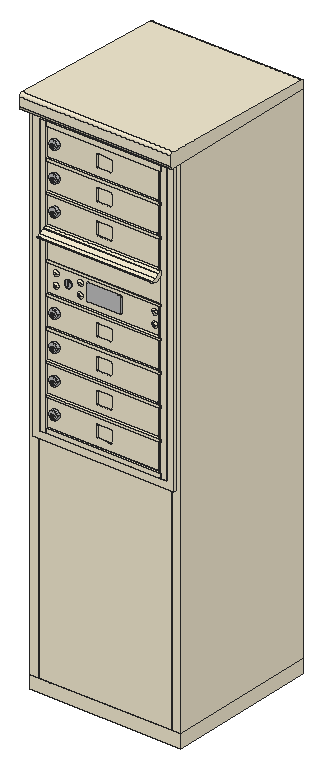
Revit family "Mailboxes_4C-Salsbury_Industries-Free_Standing-9_Door_High_Units", category Specialty Equipment, Revit 2016
Family settings
  Part Type = Normal
  Round Connector Dimension = Use Diameter
  OmniClass Number = 23.40.90.14.11
  OmniClass Title = Mail Boxes
  Work Plane-Based = No
  Always vertical = Yes
  Cut with Voids When Loaded = No
  Shared = No
  Room Calculation Point = No
Parameters (values of type "3909S-07")
  Width = 17.496"
  Visible Door Number = yes
  Version = "1.0 (06/30/17)"
  URL = "www.mailboxes.com"
  Type Comments = "Free-Standing 4C Horizontal Mailboxes - Front Loading"
  OmniClass 23 Title = "Mail Boxes"
  OmniClass 23 Number = "23.40.90.14.11"
  Model = "3909S-07"
  MasterFormat Title = "Postal Specialties"
  MasterFormat Number = "10 55 00"
  Manufacturer = "Salsbury Industries"
  Lock Material = Stainless Steel - Salsbury Finish -  Polished
  Height = 62.250"
  Front Panel Material [instance] = Paint - Salsbury Finish - Sandstone
  Front Panel Height = Height - [4C Unit Height] - 2.746"  # 25.504"
  Door Slot R9 Number [instance] = "7"
  Door Slot R8 Number [instance] = "6"
  Door Slot R7 Number [instance] = "5"
  Door Slot R6 Number [instance] = "4"
  Door Slot R5 Number [instance] = "0"
  Door Slot R4 Number [instance] = "0"
  Door Slot R3 Number [instance] = "3"
  Door Slot R2 Number [instance] = "2"
  Door Slot R1 Number [instance] = "1"
  Door Slot L9 Number [instance] = "0"
  Door Slot L8 Number [instance] = "0"
  Door Slot L7 Number [instance] = "0"
  Door Slot L6 Number [instance] = "0"
  Door Slot L5 Number [instance] = "0"
  Door Slot L4 Number [instance] = "0"
  Door Slot L3 Number [instance] = "0"
  Door Slot L2 Number [instance] = "0"
  Door Slot L1 Number [instance] = "0"
  Description = "9 Door High Unit:  7 MB1, OM2"
  Depth = 19.000"
  Assembly Description = "Mailboxes"
  Assembly Code = "C1030910"
  4C Unit Height = 34.000"
  4C Unit Elevation = 26.500"
  4C Unit = Mailboxes_4C-Salsbury_Industries-Front_Load-9_Door_High_Units : 3709S-07 FL
Reference planes (in)
  plane 1 "Center (Front/Back)": y = 0
  plane 2 "Bottom of Unit": z = 0
  plane 3 "Center (Left/Right)": x = 0
  plane 4 "Left Side of Unit": x = 8.748
  plane 5 "Right Side of Unit": x = -8.748
  plane 6 "Front of Unit": y = -9.5
  plane 7 "Back of Unit": y = 9.5
  plane 8: z = 31.125
  plane 9 "Top of Unit": z = 62.25
  plane 10 "Bottom Trim Line of Enclosure": z = 1.5
  plane 11 "Top Trim Line of Enclosure": z = 60.5
  plane 12 "Left Trim Line of Enclosure": x = 7.6855
  plane 13 "Right Trim Line of Enclosure": x = -7.685
  plane 14 "Top Back Line of Unit": z = 61.5
  plane 15 "Front Panel Top Line": z = 27.004
  plane 16 "Alignment of 4C Unit": y = -8.125
  plane 17: x = -8.667
  plane 18: x = 8.667
  plane 19: y = 9.419
  plane 20: y = -8.044
  plane 21: x = -8.667
  plane 22: x = 8.667
  plane 23: y = -8.044
  plane 24: y = 9.419
  plane 25: x = -8.667
  plane 26: x = 8.667
  plane 27: y = 9.419
  plane 28: y = -8.044
  plane 29 "Bottom Trim Line of 4C Unit": z = 26.5
  plane 30 "4C Unit Side Alignment": x = -8.17183
  plane 31: z = 0.081
Forms (in)
  Extrusion 1, solid, material "Paint - Salsbury Finish - Sandstone" <- "Front Panel Material"
    sketch origin (0, 0, 1.5) x (0, 1, 0) y (-1, 0, 0)
      loop
        line (-8.125, 7.685) -> (-8.044, 7.685) -> (-8.044, 8.667) -> (9.419, 8.667) -> (9.419, -8.667) -> (-8.044, -8.667) -> (-8.044, -7.6855) -> (-8.125, -7.6855) -> (-8.125, -8.748) -> (9.5, -8.748) -> (9.5, 8.748) -> (-8.125, 8.748) -> (-8.125, 7.685)
    from 0 to 59
  Extrusion 2, solid, material "Paint - Salsbury Finish - Sandstone" <- "Front Panel Material"
    sketch origin (0, 0, 0) x (1, 0, 0) y (0, 1, 0)
      loop
        line (-8.748, 9.5) -> (-8.748, -8.125) -> (8.748, -8.125) -> (8.748, 9.5) -> (-8.748, 9.5)
      loop
        line (-8.667, 9.419) -> (-8.667, -8.044) -> (8.667, -8.044) -> (8.667, 9.419) -> (-8.667, 9.419)
    from 0 to 1.5
  Extrusion 3, solid, material "Paint - Salsbury Finish - Sandstone" <- "Front Panel Material"
    sketch origin (0, 0, 0) x (1, 0, 0) y (0, 1, 0)
      loop
        line (-8.667, 9.419) -> (-8.667, -8.044) -> (8.667, -8.044) -> (8.667, 9.419) -> (-8.667, 9.419)
    from 0 to 0.081
  Extrusion 4, solid, material "Paint - Salsbury Finish - Sandstone" <- "Front Panel Material"
    sketch origin (0, -8.125, 0) x (1, 0, 0) y (0, 0, 1)
      loop
        line (7.6855, 1.5) -> (7.6855, 27.004) -> (-7.685, 27.004) -> (-7.685, 1.5) -> (7.6855, 1.5)
    from 0 to -0.081
  Extrusion 5, solid, material "Paint - Salsbury Finish - Sandstone" <- "Front Panel Material"
    sketch origin (0, 0, 0) x (0, 1, 0) y (0, 0, 1)
      loop
        line (-9.18965, 60.5) -> (9.5, 60.5) -> (9.5, 61.39071)
        arc (9.5, 61.39071) -> (9.47754, 61.45873) -> (9.419, 61.5) r 0.11423
        line (9.419, 61.5) -> (-9.184, 62.25)
        arc (-9.184, 62.25) -> (-9.40731, 62.15886) -> (-9.5, 61.93619) r 0.31382
        line (-9.5, 61.93619) -> (-9.5, 60.81035)
        arc (-9.5, 60.81035) -> (-9.4091, 60.5909) -> (-9.18965, 60.5) r 0.31035
    from -8.748 to 8.748
Lines and regions (in)
  symbolic lines
    curve 1: line (-8.748, 9.5, 0) -> (8.748, 9.5, 0)
    curve 2: line (-8.748, -9.5, 0) -> (-8.748, 9.5, 0)
    curve 3: line (8.748, -9.5, 0) -> (-8.748, -9.5, 0)
    curve 4: line (8.748, 9.5, 0) -> (8.748, -9.5, 0)
    curve 5: line (-8.748, 0, 62.25) -> (8.748, 0, 62.25)
    curve 6: line (-8.748, 0, 0) -> (-8.748, 0, 62.25)
    curve 7: line (8.748, 0, 0) -> (-8.748, 0, 0)
    curve 8: line (8.748, 0, 62.25) -> (8.748, 0, 0)
    curve 9: line (-8.748, 0, 60.5) -> (8.748, 0, 60.5)
    curve 10: line (-8.748, 0, 1.5) -> (8.748, 0, 1.5)
    curve 11: line (-7.685, 0, 1.5) -> (-7.685, 0, 26.5)
    curve 12: line (7.6855, 0, 1.5) -> (7.6855, 0, 26.5)
    curve 13: line (-7.685, 0, 27.004) -> (7.6855, 0, 27.004)
    curve 14: line (0, -8.125, 60.50073) -> (0, 9.5, 60.50073)
    curve 15: line (0, -8.125, 0) -> (0, -8.125, 60.50073)
    curve 16: line (0, 9.5, 0) -> (0, -8.125, 0)
    curve 17: line (0, 9.5, 60.50073) -> (0, 9.5, 0)
    curve 18: line (0, -8.125, 1.5) -> (0, 9.5, 1.5)
    curve 19: line (0, 9.5, 61.39071) -> (0, 9.5, 60.50073)
    curve 20: line (0, 9.5, 60.50073) -> (0, -9.19074, 60.50073)
    curve 21: line (0, -9.5, 60.80999) -> (0, -9.5, 61.93531)
    curve 22: arc (0, -9.19074, 60.50073) -> (0, -9.40942, 60.59131) -> (0, -9.5, 60.80999) r 0.30926
    curve 23: arc (0, -9.5, 61.93531) -> (0, -9.40736, 62.15896) -> (0, -9.18371, 62.2516) r 0.31629
    curve 24: arc (0, 9.5, 61.39071) -> (0, 9.47754, 61.45873) -> (0, 9.419, 61.5) r 0.11423
    curve 25: line (0, 9.419, 61.5) -> (0, -9.18371, 62.2516)
Dimensions and locks (in)
  equal spacing: plane 6 "Front of Unit", plane 1 "Center (Front/Back)", plane 7 "Back of Unit"
  "Depth": plane 6 "Front of Unit" to plane 7 "Back of Unit"
  equal spacing: plane 5 "Right Side of Unit", plane 3 "Center (Left/Right)", plane 4 "Left Side of Unit"
  "Width": plane 5 "Right Side of Unit" to plane 4 "Left Side of Unit"
  equal spacing: plane 2 "Bottom of Unit", plane 8, plane 9 "Top of Unit"
  plane 2 "Bottom of Unit" to plane 9 "Top of Unit" = 62.250"
  locked: plane 2 "Bottom of Unit" to plane 10 "Bottom Trim Line of Enclosure" at 1.5
  "Front Panel Height": plane 10 "Bottom Trim Line of Enclosure" to plane 15 "Front Panel Top Line"
  locked: plane 5 "Right Side of Unit" to plane 13 "Right Trim Line of Enclosure" at 1.063
  locked: plane 12 "Left Trim Line of Enclosure" to plane 4 "Left Side of Unit" at 1.0625
  plane 11 "Top Trim Line of Enclosure" to plane 14 "Top Back Line of Unit" to plane 9 "Top of Unit" = 1.000", 0.750"
  plane 6 "Front of Unit" to plane 16 "Alignment of 4C Unit" = 1.375"
  plane 11 "Top Trim Line of Enclosure" to plane 9 "Top of Unit" = 1.750"
  plane 5 "Right Side of Unit" to plane 17 = 0.081"
  plane 19 to plane 7 "Back of Unit" = 0.081"
  plane 18 to plane 4 "Left Side of Unit" = 0.081"
  plane 16 "Alignment of 4C Unit" to plane 20 = 0.081"
  plane 24 to plane 7 "Back of Unit" = 0.081"
  plane 5 "Right Side of Unit" to plane 21 = 0.081"
  plane 22 to plane 4 "Left Side of Unit" = 0.081"
  plane 16 "Alignment of 4C Unit" to plane 23 = 0.081"
  plane 16 "Alignment of 4C Unit" to plane 28 = 0.081"
  plane 26 to plane 4 "Left Side of Unit" = 0.081"
  plane 5 "Right Side of Unit" to plane 25 = 0.081"
  plane 27 to plane 7 "Back of Unit" = 0.081"
  plane 30 "4C Unit Side Alignment" to plane 13 "Right Trim Line of Enclosure" = 0.48683"
  locked: plane 31 to plane 2 "Bottom of Unit" at 0.081
  "Height": plane 9 "Top of Unit" to plane 2 "Bottom of Unit"
  "4C Unit Height": plane 11 "Top Trim Line of Enclosure" to plane 29 "Bottom Trim Line of 4C Unit"
  plane 15 "Front Panel Top Line" to plane 29 "Bottom Trim Line of 4C Unit" = 0.504"
  aligned and locked: level to plane 2 "Bottom of Unit"
  aligned and locked: Extrusion 1 to plane 11 "Top Trim Line of Enclosure"
  aligned and locked: Extrusion 2 sketch curve to Extrusion 1  (x4)
  aligned and locked: Extrusion 2 to plane 10 "Bottom Trim Line of Enclosure"
  aligned and locked: Extrusion 3 sketch curve to Extrusion 1  (x3)
  aligned and locked: plane 15 "Front Panel Top Line" to Extrusion 4 sketch curve
  aligned and locked: plane 13 "Right Trim Line of Enclosure" to Extrusion 4 sketch curve
  aligned and locked: plane 12 "Left Trim Line of Enclosure" to Extrusion 4 sketch curve
  aligned and locked: Extrusion 5 to plane 4 "Left Side of Unit"
  aligned and locked: plane 5 "Right Side of Unit" to Extrusion 5
  aligned and locked: plane 13 "Right Trim Line of Enclosure" to Extrusion 1 sketch curve
  aligned and locked: Extrusion 1 sketch curve to plane 20
  aligned and locked: Extrusion 1 sketch curve to plane 16 "Alignment of 4C Unit"  (x2)
  aligned and locked: Extrusion 1 sketch curve to plane 5 "Right Side of Unit"
  aligned and locked: plane 17 to Extrusion 1 sketch curve
  aligned and locked: Extrusion 1 sketch curve to plane 19
  aligned and locked: plane 7 "Back of Unit" to Extrusion 1 sketch curve
  aligned and locked: plane 4 "Left Side of Unit" to Extrusion 1 sketch curve
  aligned and locked: Extrusion 1 sketch curve to plane 18
  aligned and locked: plane 20 to Extrusion 1 sketch curve
  aligned and locked: plane 12 "Left Trim Line of Enclosure" to Extrusion 1 sketch curve
  aligned and locked: plane 10 "Bottom Trim Line of Enclosure" to Extrusion 1
  aligned and locked: plane 6 "Front of Unit" to Extrusion 5 sketch curve  (x2)
  aligned and locked: plane 11 "Top Trim Line of Enclosure" to Extrusion 5 sketch curve
  aligned and locked: Extrusion 5 sketch curve to plane 7 "Back of Unit"
  aligned and locked: plane 7 "Back of Unit" to Extrusion 5 sketch curve
  aligned and locked: plane 14 "Top Back Line of Unit" to Extrusion 5 sketch curve
  aligned and locked: plane 9 "Top of Unit" to Extrusion 5 sketch curve
  aligned and locked: Extrusion 4 sketch curve to plane 10 "Bottom Trim Line of Enclosure"
  aligned and locked: plane 16 "Alignment of 4C Unit" to Extrusion 4
  aligned and locked: Extrusion 4 to plane 28
  aligned and locked: Extrusion 3 to plane 2 "Bottom of Unit"
  aligned and locked: plane 31 to Extrusion 3
  aligned and locked: Extrusion 2 to plane 2 "Bottom of Unit"
  aligned and locked: plane 22 to Extrusion 2 sketch curve
  aligned and locked: Extrusion 2 sketch curve to plane 21
  aligned and locked: plane 24 to Extrusion 2 sketch curve
  aligned and locked: curve 1 to Extrusion 1
  aligned and locked: curve 2 to Extrusion 1
  aligned and locked: curve 4 to Extrusion 1
  aligned and locked: curve 6 to Extrusion 5
  aligned and locked: curve 7 to Extrusion 2
  aligned and locked: plane 9 "Top of Unit" to curve 5
  aligned and locked: curve 9 to Extrusion 1
  aligned and locked: plane 5 "Right Side of Unit" to curve 9
  aligned and locked: plane 4 "Left Side of Unit" to curve 9
  aligned and locked: plane 4 "Left Side of Unit" to curve 10
  aligned and locked: Extrusion 1 to curve 11
  aligned and locked: plane 10 "Bottom Trim Line of Enclosure" to curve 11
  aligned and locked: curve 12 to Extrusion 1
  aligned and locked: plane 10 "Bottom Trim Line of Enclosure" to curve 12
  aligned and locked: curve 13 to Extrusion 4
  aligned and locked: plane 12 "Left Trim Line of Enclosure" to curve 13
  aligned and locked: plane 13 "Right Trim Line of Enclosure" to curve 13
  aligned and locked: plane 7 "Back of Unit" to curve 17
  aligned and locked: plane 2 "Bottom of Unit" to curve 16
  aligned and locked: plane 11 "Top Trim Line of Enclosure" to Extrusion 5
  aligned and locked: plane 16 "Alignment of 4C Unit" to Extrusion 1
  aligned and locked: Extrusion 1 to curve 18
  aligned and locked: plane 7 "Back of Unit" to curve 18
  aligned and locked: plane 16 "Alignment of 4C Unit" to curve 18
  aligned and locked: curve 19 to Extrusion 5
  aligned and locked: curve 20 to curve 14
  aligned and locked: curve 21 to Extrusion 5
  aligned and locked: plane 29 "Bottom Trim Line of 4C Unit" to curve 12
  aligned and locked: curve 3 to plane 6 "Front of Unit"
  aligned and locked: plane 30 "4C Unit Side Alignment" to nested 1
Automatic sketch dimensions
  Extrusion 5 sketch curve to plane 27 = 0.000"
  Extrusion 5 sketch curve to plane 6 "Front of Unit" = 0.31035"
  Extrusion 5 sketch curve to plane 6 "Front of Unit" = 0.31382"
  plane 27 to Extrusion 5 sketch curve = 0.03323"
  Extrusion 5 sketch curve to Extrusion 5 sketch curve = 0.00218"
  plane 23 to Extrusion 2 sketch curve = 0.000"
  plane 28 to Extrusion 3 sketch curve = 0.000"
  plane 14 "Top Back Line of Unit" to curve 25 = 0.000"
  curve 25 to plane 27 = 0.000"
  curve 22 to plane 6 "Front of Unit" = 0.30926"
  plane 27 to curve 24 = 0.03323"
  curve 15 to plane 11 "Top Trim Line of Enclosure" = 0.00073"
  plane 9 "Top of Unit" to curve 21 = 0.31469"
  curve 25 to plane 9 "Top of Unit" = 0.0016"
  curve 11 to plane 29 "Bottom Trim Line of 4C Unit" = 0.000"
Nested families (in)
  nested 1: "Mailboxes_4C-Salsbury_Industries-Front_Load-9_Door_High_Units" at (7.377, -8.125, -0.183) x (-1, 0, 0) z (0, 0, 1), built-in parameter 1001360 <- "4C Unit Elevation", type <- "4C Unit", Front Panel Material <- "Front Panel Material", Visible Door Number <- "Visible Door Number", Door Slot L1 Number <- "Door Slot L1 Number", Door Slot L2 Number <- "Door Slot L2 Number", Door Slot L3 Number <- "Door Slot L3 Number", Door Slot L4 Number <- "Door Slot L4 Number", Door Slot L5 Number <- "Door Slot L5 Number", Door Slot L6 Number <- "Door Slot L6 Number", Door Slot L7 Number <- "Door Slot L7 Number", Door Slot L8 Number <- "Door Slot L8 Number", Door Slot L9 Number <- "Door Slot L9 Number", Door Slot R1 Number <- "Door Slot R1 Number", Door Slot R2 Number <- "Door Slot R2 Number", Door Slot R3 Number <- "Door Slot R3 Number", Door Slot R4 Number <- "Door Slot R4 Number", Door Slot R5 Number <- "Door Slot R5 Number", Door Slot R6 Number <- "Door Slot R6 Number", Door Slot R7 Number <- "Door Slot R7 Number", Door Slot R8 Number <- "Door Slot R8 Number", Door Slot R9 Number <- "Door Slot R9 Number", type "3709S-07 FL"
    with Visible Door Number yes, Front Panel Material Paint - Salsbury Finish - Sandstone, Door Slot R9 Number "7", Door Slot R8 Number "6", Door Slot R7 Number "5", Door Slot R6 Number "4", Door Slot R5 Number "0", Door Slot R4 Number "0", Door Slot R3 Number "3", Door Slot R2 Number "2", Door Slot R1 Number "1", Door Slot L9 Number "0", Door Slot L8 Number "0", Door Slot L7 Number "0", Door Slot L6 Number "0", Door Slot L5 Number "0", Door Slot L4 Number "0", Door Slot L3 Number "0", Door Slot L2 Number "0", Door Slot L1 Number "0", built-in parameter 1001320 48.000"
Definition of nested family "Mailboxes_4C-Salsbury_Industries-Front_Load-9_Door_High_Units"
  Parameters (values of type "3709S-07 FL")
    Width = 16.344"
    URL = "www.mailboxes.com"
    OmniClass 23 Title = "Mail Boxes"
    OmniClass 23 Number = "23.40.90.14.11"
    Visible Door Number [instance] = yes
    Vertical Center Divider = no
    Version = "3.0 (06/30/17)"
    Type Comments = "4C Standard Horizontal Mailbox - Front Loading"
    Top Back Plate = yes
    Right Inside Wall = yes
    Model = "3709S-07 FL"
    MasterFormat Title = "Postal Specialties"
    MasterFormat Number = "10 55 00"
    Manufacturer = "Salsbury Industries"
    Mail Door Symbollic = yes
    Lock Material = none
    Left Inside Wall = yes
    Keynote = ""
    Height = 34.000"
    Front Panel Material [instance] = none
    Door Slot R9 Number [instance] = "7"
    Door Slot R9 = 3700 Series 4C Door Configurations : MB1 Door w/ Divider
    Door Slot R8 Number [instance] = "6"
    Door Slot R8 = 3700 Series 4C Door Configurations : MB1 Door w/ Divider
    Door Slot R7 Number [instance] = "5"
    Door Slot R7 = 3700 Series 4C Door Configurations : MB1 Door w/ Divider
    Door Slot R6 Number [instance] = "4"
    Door Slot R6 = 3700 Series 4C Door Configurations : MB1 Door w/ Divider
    Door Slot R5 Number [instance] = "0"
    Door Slot R5 = 3700 Series 4C OM2 Configuration : OM2-FL
    Door Slot R4 Number [instance] = "0"
    Door Slot R4 = 3700 Series 4C Door Configurations : Empty
    Door Slot R3 Number [instance] = "3"
    Door Slot R3 = 3700 Series 4C Door Configurations : MB1 Door w/ Divider
    Door Slot R2 Number [instance] = "2"
    Door Slot R2 = 3700 Series 4C Door Configurations : MB1 Door w/ Divider
    Door Slot R1 Number [instance] = "1"
    Door Slot R1 = 3700 Series 4C Door Configurations : MB1 Door
    Door Slot L9 Number [instance] = "0"
    Door Slot L9 = 3700 Series 4C Door Configurations : Empty
    Door Slot L8 Number [instance] = "0"
    Door Slot L8 = 3700 Series 4C Door Configurations : Empty
    Door Slot L7 Number [instance] = "0"
    Door Slot L7 = 3700 Series 4C Door Configurations : Empty
    Door Slot L6 Number [instance] = "0"
    Door Slot L6 = 3700 Series 4C Door Configurations : Empty
    Door Slot L5 Number [instance] = "0"
    Door Slot L5 = 3700 Series 4C Door Configurations : Empty
    Door Slot L4 Number [instance] = "0"
    Door Slot L4 = 3700 Series 4C Door Configurations : Empty
    Door Slot L3 Number [instance] = "0"
    Door Slot L3 = 3700 Series 4C Door Configurations : Empty
    Door Slot L2 Number [instance] = "0"
    Door Slot L2 = 3700 Series 4C Door Configurations : Empty
    Door Slot L1 Number [instance] = "0"
    Door Slot L1 = 3700 Series 4C Door Configurations : Empty
    Description = "9 Door High Unit:  7 MB1, OM2"
    Depth = 17.025"
    Default Elevation [instance] = 48.000"
    Center Extrusion Offset = 0.000"
    Bottom Back Plate = yes
    Back Enclosure Material = none
    Assembly Description = "Mailboxes"
    Assembly Code = "C1030910"
  Types (13): name | Width | Vertical Center Divider | Type Comments | Top Back Plate | Right Inside Wall | Model | Mail Door Symbollic | Left Inside Wall | Door Slot R9 Number | Door Slot R9 | Door Slot R8 Number | Door Slot R8 | Door Slot R7 Number | Door Slot R7 | Door Slot R6 Number | Door Slot R6 | Door Slot R5 | Door Slot R4 Number | Door Slot R4 | Door Slot R3 Number | Door Slot R3 | Door Slot R2 Number | Door Slot R2 | Door Slot R1 Number | Door Slot R1 | Door Slot L9 Number | Door Slot L9 | Door Slot L8 Number | Door Slot L8 | Door Slot L7 Number | Door Slot L7 | Door Slot L6 Number | Door Slot L6 | Door Slot L5 Number | Door Slot L5 | Door Slot L4 Number | Door Slot L4 | Door Slot L3 Number | Door Slot L3 | Door Slot L2 Number | Door Slot L2 | Door Slot L1 Number | Door Slot L1 | Description | Center Extrusion Offset | Bottom Back Plate
    3709S-1B FL | 16.344" | no | "4C Horizontal Receptacle Bin - Front Loading" | no | no | "3709S-1B FL" | no | no | "0" | 4C-9 Door High Receptacle : 4C-9 Door High Receptacle | "0" | 3700 Series 4C Door Configurations : Empty | "0" | 3700 Series 4C Door Configurations : Empty | "0" | 3700 Series 4C Door Configurations : Empty | 3700 Series 4C Door Configurations : Empty | "0" | 3700 Series 4C Door Configurations : Empty | "0" | 3700 Series 4C Door Configurations : Empty | "0" | 3700 Series 4C Door Configurations : Empty | "0" | 3700 Series 4C Door Configurations : Empty | "0" | 3700 Series 4C Door Configurations : Empty | "0" | 3700 Series 4C Door Configurations : Empty | "0" | 3700 Series 4C Door Configurations : Empty | "0" | 3700 Series 4C Door Configurations : Empty | "0" | 3700 Series 4C Door Configurations : Empty | "0" | 3700 Series 4C Door Configurations : Empty | "0" | 3700 Series 4C Door Configurations : Empty | "0" | 3700 Series 4C Door Configurations : Empty | "0" | 3700 Series 4C Door Configurations : Empty | "9 Door High Unit" | 48.000" | no
    3709S-1C FL | 16.344" | no | "4C Horizontal Collection Box - Front Loading" | no | no | "3709S-1C FL" | no | no | "0" | 4C-9 Door High Collection Box : 4C-9 Door High Collection Box | "0" | 3700 Series 4C Door Configurations : Empty | "0" | 3700 Series 4C Door Configurations : Empty | "0" | 3700 Series 4C Door Configurations : Empty | 3700 Series 4C Door Configurations : Empty | "0" | 3700 Series 4C Door Configurations : Empty | "0" | 3700 Series 4C Door Configurations : Empty | "0" | 3700 Series 4C Door Configurations : Empty | "0" | 3700 Series 4C Door Configurations : Empty | "0" | 3700 Series 4C Door Configurations : Empty | "0" | 3700 Series 4C Door Configurations : Empty | "0" | 3700 Series 4C Door Configurations : Empty | "0" | 3700 Series 4C Door Configurations : Empty | "0" | 3700 Series 4C Door Configurations : Empty | "0" | 3700 Series 4C Door Configurations : Empty | "0" | 3700 Series 4C Door Configurations : Empty | "0" | 3700 Series 4C Door Configurations : Empty | "0" | 3700 Series 4C Door Configurations : Empty | "9 Door High Unit" | 48.000" | no
    3709D-16 FL | 31.09766" | yes | "4C Standard Horizontal Mailbox - Front Loading" | yes | yes | "3709D-16 FL" | yes | yes | "16" | 3700 Series 4C Door Configurations : MB1 Door w/ Divider | "15" | 3700 Series 4C Door Configurations : MB1 Door w/ Divider | "14" | 3700 Series 4C Door Configurations : MB1 Door w/ Divider | "13" | 3700 Series 4C Door Configurations : MB1 Door w/ Divider | 3700 Series 4C OM2 Configuration : OM2-FL | "0" | 3700 Series 4C Door Configurations : Empty | "12" | 3700 Series 4C Door Configurations : MB1 Door w/ Divider | "11" | 3700 Series 4C Door Configurations : MB1 Door w/ Divider | "10" | 3700 Series 4C Door Configurations : MB1 Door | "9" | 3700 Series 4C Door Configurations : MB1 Door w/ Divider | "8" | 3700 Series 4C Door Configurations : MB1 Door w/ Divider | "7" | 3700 Series 4C Door Configurations : MB1 Door w/ Divider | "6" | 3700 Series 4C Door Configurations : MB1 Door w/ Divider | "5" | 3700 Series 4C Door Configurations : MB1 Door w/ Divider | "4" | 3700 Series 4C Door Configurations : MB1 Door w/ Divider | "3" | 3700 Series 4C Door Configurations : MB1 Door w/ Divider | "2" | 3700 Series 4C Door Configurations : MB1 Door w/ Divider | "1" | 3700 Series 4C Door Configurations : MB1 Door | "9 Door High Unit:  16 MB1, OM2" | 0.000" | yes
    3709S-07 FL | 16.344" | no | "4C Standard Horizontal Mailbox - Front Loading" | yes | yes | "3709S-07 FL" | yes | yes | "7" | 3700 Series 4C Door Configurations : MB1 Door w/ Divider | "6" | 3700 Series 4C Door Configurations : MB1 Door w/ Divider | "5" | 3700 Series 4C Door Configurations : MB1 Door w/ Divider | "4" | 3700 Series 4C Door Configurations : MB1 Door w/ Divider | 3700 Series 4C OM2 Configuration : OM2-FL | "0" | 3700 Series 4C Door Configurations : Empty | "3" | 3700 Series 4C Door Configurations : MB1 Door w/ Divider | "2" | 3700 Series 4C Door Configurations : MB1 Door w/ Divider | "1" | 3700 Series 4C Door Configurations : MB1 Door | "0" | 3700 Series 4C Door Configurations : Empty | "0" | 3700 Series 4C Door Configurations : Empty | "0" | 3700 Series 4C Door Configurations : Empty | "0" | 3700 Series 4C Door Configurations : Empty | "0" | 3700 Series 4C Door Configurations : Empty | "0" | 3700 Series 4C Door Configurations : Empty | "0" | 3700 Series 4C Door Configurations : Empty | "0" | 3700 Series 4C Door Configurations : Empty | "0" | 3700 Series 4C Door Configurations : Empty | "9 Door High Unit:  7 MB1, OM2" | 0.000" | yes
    3709D-15 FL | 31.09766" | yes | "4C Standard Horizontal Mailbox - Front Loading" | yes | yes | "3709D-15 FL" | yes | yes | "15" | 3700 Series 4C Door Configurations : MB1 Door w/ Divider | "14" | 3700 Series 4C Door Configurations : MB1 Door w/ Divider | "13" | 3700 Series 4C Door Configurations : MB1 Door w/ Divider | "0" | 3700 Series 4C OM3 Configuration : OM3-FL | 3700 Series 4C Door Configurations : Empty | "0" | 3700 Series 4C Door Configurations : Empty | "12" | 3700 Series 4C Door Configurations : MB1 Door w/ Divider | "11" | 3700 Series 4C Door Configurations : MB1 Door w/ Divider | "10" | 3700 Series 4C Door Configurations : MB1 Door | "9" | 3700 Series 4C Door Configurations : MB1 Door w/ Divider | "8" | 3700 Series 4C Door Configurations : MB1 Door w/ Divider | "7" | 3700 Series 4C Door Configurations : MB1 Door w/ Divider | "6" | 3700 Series 4C Door Configurations : MB1 Door w/ Divider | "5" | 3700 Series 4C Door Configurations : MB1 Door w/ Divider | "4" | 3700 Series 4C Door Configurations : MB1 Door w/ Divider | "3" | 3700 Series 4C Door Configurations : MB1 Door w/ Divider | "2" | 3700 Series 4C Door Configurations : MB1 Door w/ Divider | "1" | 3700 Series 4C Door Configurations : MB1 Door | "9 Door High Unit:  15 MB1, OM3" | 0.000" | yes
    3709D-10 FL | 31.09766" | yes | "4C Standard Horizontal Mailbox - Front Loading" | yes | yes | "3709D-10 FL" | yes | yes | "10" | 3700 Series 4C Door Configurations : MB1 Door w/ Divider | "9" | 3700 Series 4C Door Configurations : MB1 Door w/ Divider | "8" | 3700 Series 4C Door Configurations : MB1 Door w/ Divider | "7" | 3700 Series 4C Door Configurations : MB1 Door w/ Divider | 3700 Series 4C OM2 Configuration : OM2-FL | "0" | 3700 Series 4C Door Configurations : Empty | "6" | 3700 Series 4C Door Configurations : MB1 Door w/ Divider | "5" | 3700 Series 4C Door Configurations : MB1 Door w/ Divider | "4" | 3700 Series 4C Door Configurations : MB1 Door | "1P" | 3700 Series 4C Parcel Configurations : PL6 w/ Divider | "0" | 3700 Series 4C Door Configurations : Empty | "0" | 3700 Series 4C Door Configurations : Empty | "0" | 3700 Series 4C Door Configurations : Empty | "0" | 3700 Series 4C Door Configurations : Empty | "0" | 3700 Series 4C Door Configurations : Empty | "3" | 3700 Series 4C Door Configurations : MB1 Door w/ Divider | "2" | 3700 Series 4C Door Configurations : MB1 Door w/ Divider | "1" | 3700 Series 4C Door Configurations : MB1 Door | "9 Door High Unit:  10 MB1, 1 PL6, OM2" | 0.000" | yes
    3709D-06 FL | 31.09766" | yes | "4C Standard Horizontal Mailbox - Front Loading" | yes | yes | "3709D-06 FL" | yes | yes | "6" | 3700 Series 4C Door Configurations : MB3 Door w/ Divider | "0" | 3700 Series 4C Door Configurations : Empty | "0" | 3700 Series 4C Door Configurations : Empty | "5" | 3700 Series 4C Door Configurations : MB1 Door w/ Divider | 3700 Series 4C OM2 Configuration : OM2-FL | "0" | 3700 Series 4C Door Configurations : Empty | "4" | 3700 Series 4C Door Configurations : MB3 Door | "0" | 3700 Series 4C Door Configurations : Empty | "0" | 3700 Series 4C Door Configurations : Empty | "3" | 3700 Series 4C Door Configurations : MB3 Door w/ Divider | "0" | 3700 Series 4C Door Configurations : Empty | "0" | 3700 Series 4C Door Configurations : Empty | "2" | 3700 Series 4C Door Configurations : MB3 Door w/ Divider | "0" | 3700 Series 4C Door Configurations : Empty | "0" | 3700 Series 4C Door Configurations : Empty | "1" | 3700 Series 4C Door Configurations : MB3 Door | "0" | 3700 Series 4C Door Configurations : Empty | "0" | 3700 Series 4C Door Configurations : Empty | "9 Door High Unit:  1 MB1, 5 MB3, OM2" | 0.000" | yes
    3709D-05 FL | 31.09766" | yes | "4C Standard Horizontal Mailbox - Front Loading" | yes | yes | "3709D-05 FL" | yes | yes | "5" | 3700 Series 4C Door Configurations : MB3 Door w/ Divider | "0" | 3700 Series 4C Door Configurations : Empty | "0" | 3700 Series 4C Door Configurations : Empty | "0" | 3700 Series 4C OM3 Configuration : OM3-FL | 3700 Series 4C Door Configurations : Empty | "0" | 3700 Series 4C Door Configurations : Empty | "4" | 3700 Series 4C Door Configurations : MB3 Door | "0" | 3700 Series 4C Door Configurations : Empty | "0" | 3700 Series 4C Door Configurations : Empty | "3" | 3700 Series 4C Door Configurations : MB3 Door w/ Divider | "0" | 3700 Series 4C Door Configurations : Empty | "0" | 3700 Series 4C Door Configurations : Empty | "2" | 3700 Series 4C Door Configurations : MB3 Door w/ Divider | "0" | 3700 Series 4C Door Configurations : Empty | "0" | 3700 Series 4C Door Configurations : Empty | "1" | 3700 Series 4C Door Configurations : MB3 Door | "0" | 3700 Series 4C Door Configurations : Empty | "0" | 3700 Series 4C Door Configurations : Empty | "9 Door High Unit:  5 MB3, OM3" | 0.000" | yes
    3709D-03 FL | 31.09766" | yes | "4C Standard Horizontal Mailbox - Front Loading" | yes | yes | "3709D-03 FL" | yes | yes | "3" | 3700 Series 4C Door Configurations : MB3 Door w/ Divider | "0" | 3700 Series 4C Door Configurations : Empty | "0" | 3700 Series 4C Door Configurations : Empty | "0" | 3700 Series 4C OM3 Configuration : OM3-FL | 3700 Series 4C Door Configurations : Empty | "0" | 3700 Series 4C Door Configurations : Empty | "2" | 3700 Series 4C Door Configurations : MB3 Door | "0" | 3700 Series 4C Door Configurations : Empty | "0" | 3700 Series 4C Door Configurations : Empty | "1P" | 3700 Series 4C Parcel Configurations : PL6 w/ Divider | "0" | 3700 Series 4C Door Configurations : Empty | "0" | 3700 Series 4C Door Configurations : Empty | "0" | 3700 Series 4C Door Configurations : Empty | "0" | 3700 Series 4C Door Configurations : Empty | "0" | 3700 Series 4C Door Configurations : Empty | "1" | 3700 Series 4C Door Configurations : MB3 Door | "0" | 3700 Series 4C Door Configurations : Empty | "0" | 3700 Series 4C Door Configurations : Empty | "9 Door High Unit:  3 MB3, 1 PL6, OM3" | 0.000" | yes
    3709D-4P FL | 31.09766" | yes | "4C Standard Horizontal Mailbox - Front Loading" | yes | yes | "3709D-4P FL" | no | yes | "4P" | 3700 Series 4C Parcel Configurations : PL5 w/ Divider | "0" | 3700 Series 4C Door Configurations : Empty | "0" | 3700 Series 4C Door Configurations : Empty | "0" | 3700 Series 4C Door Configurations : Empty | 3700 Series 4C Door Configurations : Empty | "3P" | 3700 Series 4C Parcel Configurations : PL4 | "0" | 3700 Series 4C Door Configurations : Empty | "0" | 3700 Series 4C Door Configurations : Empty | "0" | 3700 Series 4C Door Configurations : Empty | "2P" | 3700 Series 4C Parcel Configurations : PL5 w/ Divider | "0" | 3700 Series 4C Door Configurations : Empty | "0" | 3700 Series 4C Door Configurations : Empty | "0" | 3700 Series 4C Door Configurations : Empty | "0" | 3700 Series 4C Door Configurations : Empty | "1P" | 3700 Series 4C Parcel Configurations : PL4 | "0" | 3700 Series 4C Door Configurations : Empty | "0" | 3700 Series 4C Door Configurations : Empty | "0" | 3700 Series 4C Door Configurations : Empty | "9 Door High Unit:  2 PL4, 2 PL5" | 0.000" | yes
    3709S-02 FL | 16.344" | no | "4C Standard Horizontal Mailbox - Front Loading" | yes | yes | "3709S-02 FL" | yes | yes | "1P" | 3700 Series 4C Parcel Configurations : PL5 w/ Divider | "0" | 3700 Series 4C Door Configurations : Empty | "0" | 3700 Series 4C Door Configurations : Empty | "0" | 3700 Series 4C Door Configurations : Empty | 3700 Series 4C Door Configurations : Empty | "0" | 3700 Series 4C OM2 Configuration : OM2-FL | "0" | 3700 Series 4C Door Configurations : Empty | "2" | 3700 Series 4C Door Configurations : MB1 Door w/ Divider | "1" | 3700 Series 4C Door Configurations : MB1 Door | "0" | 3700 Series 4C Door Configurations : Empty | "0" | 3700 Series 4C Door Configurations : Empty | "0" | 3700 Series 4C Door Configurations : Empty | "0" | 3700 Series 4C Door Configurations : Empty | "0" | 3700 Series 4C Door Configurations : Empty | "0" | 3700 Series 4C Door Configurations : Empty | "0" | 3700 Series 4C Door Configurations : Empty | "0" | 3700 Series 4C Door Configurations : Empty | "0" | 3700 Series 4C Door Configurations : Empty | "9 Door High Unit:  2 MB1, 1 PL5, OM2" | 0.000" | yes
    3709S-2P FL | 16.344" | no | "4C Standard Horizontal Mailbox - Front Loading" | yes | yes | "3709S-2P FL" | no | yes | "2P" | 3700 Series 4C Parcel Configurations : PL5 w/ Divider | "0" | 3700 Series 4C Door Configurations : Empty | "0" | 3700 Series 4C Door Configurations : Empty | "0" | 3700 Series 4C Door Configurations : Empty | 3700 Series 4C Door Configurations : Empty | "1P" | 3700 Series 4C Parcel Configurations : PL4 | "0" | 3700 Series 4C Door Configurations : Empty | "0" | 3700 Series 4C Door Configurations : Empty | "0" | 3700 Series 4C Door Configurations : Empty | "0" | 3700 Series 4C Door Configurations : Empty | "0" | 3700 Series 4C Door Configurations : Empty | "0" | 3700 Series 4C Door Configurations : Empty | "0" | 3700 Series 4C Door Configurations : Empty | "0" | 3700 Series 4C Door Configurations : Empty | "0" | 3700 Series 4C Door Configurations : Empty | "0" | 3700 Series 4C Door Configurations : Empty | "0" | 3700 Series 4C Door Configurations : Empty | "0" | 3700 Series 4C Door Configurations : Empty | "9 Door High Unit:  1 PL4, 1 PL5" | 0.000" | yes
    3709D-04 FL | 31.09766" | yes | "4C Standard Horizontal Mailbox - Front Loading" | yes | yes | "3709D-04 FL" | yes | yes | "4" | 3700 Series 4C Door Configurations : MB3 Door w/ Divider | "0" | 3700 Series 4C Door Configurations : Empty | "0" | 3700 Series 4C Door Configurations : Empty | "3" | 3700 Series 4C Door Configurations : MB1 Door w/ Divider | 3700 Series 4C OM2 Configuration : OM2-FL | "0" | 3700 Series 4C Door Configurations : Empty | "2" | 3700 Series 4C Door Configurations : MB3 Door | "0" | 3700 Series 4C Door Configurations : Empty | "0" | 3700 Series 4C Door Configurations : Empty | "1P" | 3700 Series 4C Parcel Configurations : PL6 w/ Divider | "0" | 3700 Series 4C Door Configurations : Empty | "0" | 3700 Series 4C Door Configurations : Empty | "0" | 3700 Series 4C Door Configurations : Empty | "0" | 3700 Series 4C Door Configurations : Empty | "0" | 3700 Series 4C Door Configurations : Empty | "1" | 3700 Series 4C Door Configurations : MB3 Door | "0" | 3700 Series 4C Door Configurations : Empty | "0" | 3700 Series 4C Door Configurations : Empty | "9 Door High Unit:  1 MB1, 3 MB3, 1 PL6, OM2" | 0.000" | yes
  Reference planes (in)
    plane 1 "Wall Centerline": y = -3
    plane 2 "Center (Left/Right)": x = 0
    plane 3 "Front": y = 0
    plane 4 "15" AFF": z = 28
    plane 5 "28" AFF": z = 28
    plane 6 "36" AFF": z = 36
    plane 7 "48" AFF": z = 48
    plane 8 "Bottom of Unit": z = 26.683
    plane 9 "Top of Unit": z = 60.683
    plane 10 "Left Side of Unit": x = 15.54883
    plane 11 "Right Side of Unit": x = -0.79517
    plane 12 "28" AFF_Bottom of Unit": z = 26.683
    plane 13 "Top Horiz Trim Align": z = 59.85225
    plane 14 "Bottom Horiz Trim Align": z = 27.515
    plane 15 "Left Trim Align": x = 14.716
    plane 16 "Right Trim Align": x = 0.03766
    plane 17 "Left Door Align": x = 14.06641
    plane 18 "Right Door Align": x = 0.68725
    plane 19 "Top Horiz Door Align": z = 59.26125
    plane 20 "Bottom Horiz Door Align": z = 28
    plane 21 "Front Face of Unit": y = 0.265
    plane 22 "Top Housing Align": z = 60.179
    plane 23 "Top Collar Align": z = 60.031
    plane 24 "Top Box Align": z = 59.676
    plane 25 "Vertical Housing Align": y = -1.205
    plane 26 "Vertical Collar Align": y = -2.205
    plane 27 "Back of Unit": y = -16.76
    plane 28 "Bottom Housing Align": z = 27.187
    plane 29 "Bottom Collar Align": z = 27.335
    plane 30 "Bottom Box Align": z = 27.75
    plane 31 "Door Alignment": y = -0.33191
    plane 32 "Right Housing Align": x = -0.08817
    plane 33 "Right Collar Align": x = 1.34483
    plane 34 "Right Box Side Align": x = 1.67283
    plane 35 "Left Housing Align": x = 14.84183
    plane 36 "Left Collar Align": x = 13.40883
    plane 37 "Left Side Box Align": x = 13.08083
    plane 38 "Top Back Plate Align": z = 58.897
    plane 39 "Bottom Back Plate Align": z = 28.499
    plane 40 "Back": y = -6
    plane 41 "RO Left Side": x = 15.17383
    plane 42 "RO Right Side": x = -0.42017
    plane 43 "RO Bottom": z = 27.058
    plane 44 "RO Top": z = 60.308
    plane 45 "Horiz Centerline": z = 42.04237
    plane 46: z = 27.885
    plane 47: x = 12.99983
    plane 48: x = 12.92758
    plane 49 "Center Extrusion": x = 0
    plane 50 "Center Extrusion Offset": x = 0
    plane 51 "Row 9 Top Align": z = 31.5
    plane 52 "Row 8 Top Align": z = 35
    plane 53 "Row 7 Top Align": z = 38.5
    plane 54 "Row 6 Top Align": z = 42
    plane 55 "Row 5 Top Align": z = 45.5
    plane 56 "Row 4 Top Align": z = 49
    plane 57 "Row 3 Top Align": z = 52.5
    plane 58 "Row 2 Top Align": z = 56
    plane 59 "Row 16 Top Align-Private": z = 31.5
    plane 60 "Row 15 Top Align-Private": z = 35
    plane 61 "Row 14 Top Align-Private": z = 38.5
    plane 62 "Row 13 Top Align-Private": z = 42
    plane 63 "Row 12 Top Align-Private": z = 45.5
    plane 64 "Row 11 Top Align-Private": z = 49
    plane 65 "Row 10 Top Align-Private": z = 52.25
    plane 66 "Row 9 Top Align-Private": z = 55.75
    plane 67 "Row 8 Top Align-Private": z = 59.25
    plane 68 "Top of Face Gap": z = 61.25
    plane 69 "Top Latch Align": z = 51.376
    plane 70 "Bottom Latch Align": z = 36.05
    plane 71 "Right Latch Align": x = -0.69183
    plane 72 "Left Latch Align": x = 0.69098
    plane 73 "Latch Alignment Edge": x = -0.79517
    plane 74: x = -12.92783
    plane 75: x = -12.99983
    plane 76: y = -16.84203
    plane 77: x = -2
    plane 78: x = -0.7705
    plane 79: x = 0.7705
    plane 80: x = 2
    plane 81: y = -16.67797
    plane 82: x = -0.69098
    plane 83: x = 0.69183
    plane 84: z = 57.397
    plane 85: z = 29.999
    plane 86: z = 59.31729
    plane 87: z = 28.41625
    plane 88: z = 27.446
    plane 89: z = 28.055
    plane 90: y = -6
    plane 91: x = 14.06267
  Forms (in)
    Extrusion 1, solid, material <- "Front Panel Material"
      sketch origin (0, 0, 0) x (1, 0, 0) y (0, 0, 1)
        loop
          line (15.54883, 60.683) -> (-0.79517, 60.683) -> (-0.79517, 26.683) -> (15.54883, 26.683) -> (15.54883, 60.683)
      from -0.265 to 0
    Extrusion 2, void
      sketch origin (0, 0.265, 0.00774) x (0, 0, -1) y (-1, 0, 0)
        loop
          line (-59.84451, -14.716) -> (-27.50726, -14.716) -> (-27.50726, -0.03766) -> (-59.84451, -0.03766) -> (-59.84451, -14.716)
      from -0.265 to 0
    Extrusion 3, solid, material <- "Front Panel Material"
      sketch origin (14.98214, 0.265, -1.67978) x (0, 0, -1) y (-1, 0, 0)
        loop
          line (-61.53203, 14.94448) -> (-61.53203, 14.29489) -> (-29.19478, 14.29489) -> (-29.19478, 14.94448) -> (-61.53203, 14.94448)
      from 0 to -0.265
    Extrusion 4, solid, material <- "Front Panel Material"
      sketch origin (0, 0.265, 0) x (0, 0, -1) y (-1, 0, 0)
        loop
          line (-27.515, -14.06641) -> (-27.515, -0.68725) -> (-28, -0.68725) -> (-28, -14.06641) -> (-27.515, -14.06641)
      from -0.265 to 0
    Extrusion 5, solid, material <- "Front Panel Material"
      sketch origin (0, 0.265, 0) x (0, 0, -1) y (-1, 0, 0)
        loop
          line (-59.85225, -14.716) -> (-27.515, -14.716) -> (-27.515, -14.06641) -> (-59.85225, -14.06641) -> (-59.85225, -14.716)
      from 0 to -0.265
    Extrusion 6, solid, material <- "Front Panel Material"
      sketch origin (0, 0.265, 0) x (0, 0, -1) y (-1, 0, 0)
        loop
          line (-59.85225, -14.06641) -> (-59.26125, -14.06641) -> (-59.26125, -0.68725) -> (-59.85225, -0.68725) -> (-59.85225, -14.06641)
      from -0.265 to 0
    Extrusion 7, solid, material <- "Front Panel Material", visible <- "Vertical Center Divider"
      sketch origin (-0.77934, 0.265, 0) x (0, 0, 1) y (1, 0, 0)
        loop
          line (59.85225, 1.47033) -> (27.515, 1.47033) -> (27.515, 0.08752) -> (59.85225, 0.08752) -> (59.85225, 1.47033)
      from 0 to -1.47
    Extrusion 8, solid
      sketch origin (0, -6, 60) x (0, 0, 1) y (1, 0, 0)
        loop
          line (-60, -60) -> (60, -60) -> (60, 60) -> (-60, 60) -> (-60, -60)
      from 0 to 6
  Cuts and joins
    Extrusion 2 cuts Extrusion 1
  Lines and regions (in)
    model lines
      curve 1: line (15.54883, 0.265, 60.683) -> (14.716, 0.265, 59.85225)
      curve 2: line (-0.79517, 0.265, 60.683) -> (0.03766, 0.265, 59.85225)
      curve 3: line (-0.79517, 0.265, 26.683) -> (0.03766, 0.265, 27.515)
      curve 4: line (15.54883, 0.265, 26.683) -> (14.716, 0.265, 27.515)
    reference lines
      curve 5: line (0.68725, -0.33191, 26.683) -> (0.68725, -0.33191, 60.683)
      curve 6: line (14.06641, -0.33191, 26.683) -> (14.06641, -0.33191, 60.683)
    symbolic lines
      curve 7: line (-0.79517, 0.265, 28) -> (15.54883, 0.265, 28)
      curve 8: line (-0.79517, 0, 28) -> (-0.79517, 0.265, 28)
      curve 9: line (15.54883, 0, 28) -> (-0.79517, 0, 28)
      curve 10: line (15.54883, 0.265, 28) -> (15.54883, 0, 28)
    symbolic lines, visible <- "Mail Door Symbollic"
      curve 11: line (0.68725, 0.265, 28) -> (0.68725, 1.43, 28)
      curve 12: line (0.68725, 1.43, 28) -> (14.06267, 1.43, 28)
      curve 13: line (14.06267, 1.43, 28) -> (14.06267, 0.265, 28)
  Text (in)
    text "Placement Side" at (0, 40.15149, 123.01588), in view "Right"
    text "Placement Side" at (-58.6842, 42.74981, 0), in view "Ref. Level"
    text "Placement Side" at (0, 47.49176, 140.59947), in view "Left"
  Dimensions and locks (in)
    locked: plane 3 "Front" to Extrusion 8
    level to plane 4 "15" AFF" = 28.000"
    locked: level to plane 5 "28" AFF" at 28
    locked: level to plane 6 "36" AFF" at 36
    locked: level to plane 7 "48" AFF" at 48
    plane 8 "Bottom of Unit" to plane 4 "15" AFF" = 1.317"
    "Height": plane 8 "Bottom of Unit" to plane 9 "Top of Unit"
    plane 12 "28" AFF_Bottom of Unit" to plane 5 "28" AFF" = 1.317"
    locked: plane 15 "Left Trim Align" to plane 10 "Left Side of Unit" at 0.83283
    locked: plane 16 "Right Trim Align" to plane 11 "Right Side of Unit" at 0.83283
    locked: plane 13 "Top Horiz Trim Align" to plane 9 "Top of Unit" at 0.83075
    locked: plane 8 "Bottom of Unit" to plane 14 "Bottom Horiz Trim Align" at 0.832
    plane 17 "Left Door Align" to plane 15 "Left Trim Align" = 0.64959"
    locked: plane 18 "Right Door Align" to plane 16 "Right Trim Align" at 0.64959
    locked: plane 19 "Top Horiz Door Align" to plane 13 "Top Horiz Trim Align" at 0.591
    locked: plane 14 "Bottom Horiz Trim Align" to plane 20 "Bottom Horiz Door Align" at 0.485
    plane 20 "Bottom Horiz Door Align" to level = 28.000"
    plane 5 "28" AFF" to level = 28.000"
    plane 6 "36" AFF" to level = 36.000"
    plane 7 "48" AFF" to level = 48.000"
    plane 9 "Top of Unit" to plane 8 "Bottom of Unit" = 34.000"
    plane 21 "Front Face of Unit" to Extrusion 8 = 0.265"
    locked: Extrusion 8 to plane 25 "Vertical Housing Align" at 1.205
    locked: plane 25 "Vertical Housing Align" to plane 26 "Vertical Collar Align" at 1
    plane 25 "Vertical Housing Align" to plane 27 "Back of Unit" = 15.555"
    "Depth": plane 21 "Front Face of Unit" to plane 27 "Back of Unit"
    locked: plane 9 "Top of Unit" to plane 22 "Top Housing Align" at 0.504
    locked: plane 22 "Top Housing Align" to plane 23 "Top Collar Align" at 0.148
    locked: plane 23 "Top Collar Align" to plane 24 "Top Box Align" at 0.355
    locked: plane 28 "Bottom Housing Align" to plane 8 "Bottom of Unit" at 0.504
    locked: plane 29 "Bottom Collar Align" to plane 28 "Bottom Housing Align" at 0.148
    locked: plane 30 "Bottom Box Align" to plane 29 "Bottom Collar Align" at 0.415
    plane 24 "Top Box Align" to plane 30 "Bottom Box Align" = 31.926"  (x2)
    locked: plane 21 "Front Face of Unit" to plane 31 "Door Alignment" at 0.59691
    plane 11 "Right Side of Unit" to plane 32 "Right Housing Align" to plane 33 "Right Collar Align" to plane 34 "Right Box Side Align" = 0.707" locked, 1.433" locked, 0.328" locked
    plane 37 "Left Side Box Align" to plane 36 "Left Collar Align" to plane 35 "Left Housing Align" to plane 10 "Left Side of Unit" = 0.328" locked, 1.433" locked, 0.707" locked
    plane 11 "Right Side of Unit" to plane 32 "Right Housing Align" to plane 33 "Right Collar Align" to plane 34 "Right Box Side Align" = 0.707", 1.433", 0.328"
    plane 37 "Left Side Box Align" to plane 36 "Left Collar Align" to plane 35 "Left Housing Align" to plane 10 "Left Side of Unit" = 0.328", 1.433", 0.707"
    plane 9 "Top of Unit" to plane 24 "Top Box Align" = 1.007"
    plane 30 "Bottom Box Align" to plane 8 "Bottom of Unit" = 1.067"
    locked: plane 24 "Top Box Align" to plane 38 "Top Back Plate Align" at 0.779
    locked: plane 39 "Bottom Back Plate Align" to plane 30 "Bottom Box Align" at 0.749
    locked: plane 41 "RO Left Side" to plane 10 "Left Side of Unit" at 0.375
    locked: plane 42 "RO Right Side" to plane 11 "Right Side of Unit" at 0.375
    locked: plane 8 "Bottom of Unit" to plane 43 "RO Bottom" at 0.375
    locked: plane 44 "RO Top" to plane 9 "Top of Unit" at 0.375
    plane 46 to plane 30 "Bottom Box Align" = 0.135"
    plane 47 to plane 37 "Left Side Box Align" = 0.081"
    plane 48 to plane 47 = 0.07225"
    plane 18 "Right Door Align" to plane 17 "Left Door Align" = 13.37916"
    "Center Extrusion Offset": plane 49 "Center Extrusion" to plane 50 "Center Extrusion Offset"
    plane 20 "Bottom Horiz Door Align" to plane 51 "Row 9 Top Align" to plane 52 "Row 8 Top Align" to plane 53 "Row 7 Top Align" to plane 54 "Row 6 Top Align" to plane 55 "Row 5 Top Align" to plane 56 "Row 4 Top Align" to plane 57 "Row 3 Top Align" to plane 58 "Row 2 Top Align" = 3.500", 3.500" locked, 3.500" locked, 3.500" locked, 3.500" locked, 3.500" locked, 3.500" locked, 3.500" locked
    plane 4 "15" AFF" to plane 59 "Row 16 Top Align-Private" = 3.500"
    plane 59 "Row 16 Top Align-Private" to plane 60 "Row 15 Top Align-Private" to plane 61 "Row 14 Top Align-Private" to plane 62 "Row 13 Top Align-Private" to plane 63 "Row 12 Top Align-Private" to plane 64 "Row 11 Top Align-Private" to plane 65 "Row 10 Top Align-Private" to plane 66 "Row 9 Top Align-Private" to plane 67 "Row 8 Top Align-Private" = 3.500" locked, 3.500" locked, 3.500" locked, 3.500" locked, 3.500" locked, 3.250" locked, 3.500" locked, 3.500" locked
    locked: plane 67 "Row 8 Top Align-Private" to plane 68 "Top of Face Gap" at 2
    level to plane 8 "Bottom of Unit" = 26.683"
    locked: plane 71 "Right Latch Align" to plane 72 "Left Latch Align" at 1.38281
    plane 24 "Top Box Align" to plane 69 "Top Latch Align" = 8.300"
    plane 70 "Bottom Latch Align" to plane 30 "Bottom Box Align" = 8.300"
    plane 73 "Latch Alignment Edge" to plane 71 "Right Latch Align" = 0.10334"
    plane 75 to plane 74 to plane 34 "Right Box Side Align" = 0.072", 14.60066"
    plane 76 to plane 27 "Back of Unit" = 0.08203"
    plane 27 "Back of Unit" to plane 81 = 0.08203"
    plane 77 to plane 78 to plane 71 "Right Latch Align" to plane 50 "Center Extrusion Offset" = 1.2295", 0.07867", 0.69183"
    plane 50 "Center Extrusion Offset" to plane 72 "Left Latch Align" to plane 79 to plane 80 = 0.69098", 0.07952", 1.2295"
    plane 82 to plane 49 "Center Extrusion" to plane 83 = 0.69098" locked, 0.69183" locked
    plane 11 "Right Side of Unit" to Extrusion 1 = 16.344"
    plane 38 "Top Back Plate Align" to plane 84 = 1.500"
    plane 85 to plane 39 "Bottom Back Plate Align" = 1.500"
    locked: plane 86 to plane 24 "Top Box Align" at 0.35871
    plane 14 "Bottom Horiz Trim Align" to plane 87 = 0.90125"
    plane 88 to plane 30 "Bottom Box Align" to plane 89 = 0.304" locked, 0.305" locked
    plane 11 "Right Side of Unit" to plane 2 "Center (Left/Right)" to plane 10 "Left Side of Unit" = 0.79517", 15.54883"
    "Width": plane 11 "Right Side of Unit" to plane 10 "Left Side of Unit"
    locked: plane 18 "Right Door Align" to plane 91 at 13.37542
    aligned and locked: plane 8 "Bottom of Unit" to Extrusion 1 sketch curve
    aligned and locked: plane 10 "Left Side of Unit" to Extrusion 1 sketch curve
    aligned and locked: Extrusion 1 sketch curve to plane 11 "Right Side of Unit"
    aligned and locked: Extrusion 1 sketch curve to plane 9 "Top of Unit"
    aligned and locked: plane 21 "Front Face of Unit" to Extrusion 1
    aligned and locked: Extrusion 3 to plane 16 "Right Trim Align"
    aligned and locked: plane 18 "Right Door Align" to Extrusion 3
    aligned and locked: plane 13 "Top Horiz Trim Align" to Extrusion 3
    aligned and locked: Extrusion 4 to plane 14 "Bottom Horiz Trim Align"
    aligned and locked: Extrusion 4 to plane 17 "Left Door Align"
    aligned and locked: plane 20 "Bottom Horiz Door Align" to Extrusion 4
    aligned and locked: Extrusion 4 to plane 18 "Right Door Align"
    aligned and locked: plane 25 "Vertical Housing Align" to Extrusion 7
    aligned and locked: plane 21 "Front Face of Unit" to Extrusion 7
    aligned and locked: nested 1 to plane 58 "Row 2 Top Align"
    aligned and locked: nested 2 to plane 57 "Row 3 Top Align"
    aligned and locked: nested 10 to plane 17 "Left Door Align"
    aligned and locked: nested 10 to plane 58 "Row 2 Top Align"
    aligned and locked: plane 31 "Door Alignment" to nested 10  (x2)
    aligned and locked: nested 11 to plane 17 "Left Door Align"
    aligned and locked: nested 11 to plane 57 "Row 3 Top Align"
    aligned and locked: plane 31 "Door Alignment" to nested 11  (x2)
    aligned and locked: nested 16 to plane 17 "Left Door Align"
    aligned and locked: nested 16 to plane 52 "Row 8 Top Align"
    aligned and locked: plane 31 "Door Alignment" to nested 16
    aligned and locked: nested 17 to plane 17 "Left Door Align"
    aligned and locked: nested 17 to plane 51 "Row 9 Top Align"
    aligned and locked: plane 31 "Door Alignment" to nested 17  (x2)
    aligned and locked: nested 9 to curve 5
    aligned and locked: nested 8 to curve 5
    aligned and locked: nested 7 to curve 5
    aligned and locked: nested 6 to curve 5
    aligned and locked: nested 5 to curve 5
    aligned and locked: nested 3 to curve 5
    aligned and locked: nested 18 to curve 6
    aligned and locked: nested 17 to curve 6
    aligned and locked: nested 16 to curve 6
    aligned and locked: nested 15 to curve 6
    aligned and locked: nested 14 to curve 6
    aligned and locked: nested 13 to curve 6
    aligned and locked: nested 12 to curve 6
    aligned and locked: nested 11 to curve 6
    aligned and locked: nested 10 to curve 6
    aligned and locked: plane 31 "Door Alignment" to nested 6
    aligned and locked: plane 31 "Door Alignment" to nested 9
    aligned and locked: plane 31 "Door Alignment" to nested 8
    aligned and locked: plane 31 "Door Alignment" to nested 15
    aligned and locked: plane 31 "Door Alignment" to nested 5
    aligned and locked: plane 31 "Door Alignment" to nested 3
    aligned and locked: plane 31 "Door Alignment" to nested 12
    aligned and locked: plane 31 "Door Alignment" to nested 14
    aligned and locked: plane 31 "Door Alignment" to nested 2
    aligned and locked: plane 31 "Door Alignment" to nested 4
    aligned and locked: nested 1 to curve 5
    aligned and locked: nested 2 to curve 5
    aligned and locked: nested 4 to curve 5
    aligned and locked: plane 31 "Door Alignment" to nested 1
    aligned and locked: plane 31 "Door Alignment" to nested 7
    aligned and locked: plane 11 "Right Side of Unit" to plane 73 "Latch Alignment Edge"
    aligned and locked: nested 1 to curve 11
    aligned and locked: plane 21 "Front Face of Unit" to cut or joined group of Extrusion 1, Extrusion 2
    aligned and locked: plane 3 "Front" to cut or joined group of Extrusion 1, Extrusion 2
    aligned and locked: plane 13 "Top Horiz Trim Align" to Extrusion 7
    aligned and locked: Extrusion 7 to plane 14 "Bottom Horiz Trim Align"
    aligned and locked: plane 71 "Right Latch Align" to Extrusion 7
    aligned and locked: Extrusion 7 to plane 72 "Left Latch Align"
    aligned and locked: plane 9 "Top of Unit" to curve 5
    aligned and locked: plane 8 "Bottom of Unit" to curve 5
    aligned and locked: plane 8 "Bottom of Unit" to curve 6
    aligned and locked: curve 6 to plane 17 "Left Door Align"
    aligned and locked: plane 10 "Left Side of Unit" to curve 1
    aligned and locked: plane 9 "Top of Unit" to curve 1
    aligned and locked: plane 15 "Left Trim Align" to curve 1
    aligned and locked: plane 13 "Top Horiz Trim Align" to curve 1
    aligned and locked: plane 11 "Right Side of Unit" to curve 2
    aligned and locked: plane 9 "Top of Unit" to curve 2
    aligned and locked: plane 16 "Right Trim Align" to curve 2
    aligned and locked: plane 13 "Top Horiz Trim Align" to curve 2
    aligned and locked: plane 10 "Left Side of Unit" to curve 4
    aligned and locked: plane 8 "Bottom of Unit" to curve 4
    aligned and locked: plane 15 "Left Trim Align" to curve 4
    aligned and locked: plane 14 "Bottom Horiz Trim Align" to curve 4
    aligned and locked: plane 8 "Bottom of Unit" to curve 3
    aligned and locked: plane 11 "Right Side of Unit" to curve 3
    aligned and locked: plane 16 "Right Trim Align" to curve 3
    aligned and locked: plane 14 "Bottom Horiz Trim Align" to curve 3
    aligned and locked: plane 51 "Row 9 Top Align" to nested 8
    aligned and locked: plane 53 "Row 7 Top Align" to nested 15
    aligned and locked: plane 53 "Row 7 Top Align" to nested 6
    aligned and locked: plane 54 "Row 6 Top Align" to nested 5
    aligned and locked: plane 56 "Row 4 Top Align" to nested 3
    aligned and locked: plane 56 "Row 4 Top Align" to nested 12
    aligned and locked: plane 52 "Row 8 Top Align" to nested 7
    aligned and locked: plane 55 "Row 5 Top Align" to nested 4
    aligned and locked: plane 54 "Row 6 Top Align" to nested 14
    aligned and locked: plane 31 "Door Alignment" to nested 18
    aligned and locked: plane 20 "Bottom Horiz Door Align" to nested 9
    aligned and locked: plane 20 "Bottom Horiz Door Align" to nested 18
    aligned and locked: plane 55 "Row 5 Top Align" to nested 13
    aligned and locked: plane 31 "Door Alignment" to nested 13
    aligned and locked: plane 91 to curve 13
  Automatic sketch dimensions
    Extrusion 2 sketch curve to plane 13 "Top Horiz Trim Align" = 0.000"
    Extrusion 2 sketch curve to plane 14 "Bottom Horiz Trim Align" = 0.000"
    plane 15 "Left Trim Align" to Extrusion 2 sketch curve = 0.000"
    Extrusion 2 sketch curve to plane 16 "Right Trim Align" = 0.000"
    Extrusion 3 sketch curve to plane 13 "Top Horiz Trim Align" = 0.000"
    plane 14 "Bottom Horiz Trim Align" to Extrusion 3 sketch curve = 0.000"
    plane 16 "Right Trim Align" to Extrusion 3 sketch curve = 0.000"
    Extrusion 3 sketch curve to plane 18 "Right Door Align" = 0.000"
    plane 13 "Top Horiz Trim Align" to Extrusion 5 sketch curve = 0.000"
    Extrusion 5 sketch curve to plane 14 "Bottom Horiz Trim Align" = 0.000"
    Extrusion 5 sketch curve to plane 15 "Left Trim Align" = 0.000"
    plane 17 "Left Door Align" to Extrusion 5 sketch curve = 0.000"
    plane 13 "Top Horiz Trim Align" to Extrusion 6 sketch curve = 0.000"
    Extrusion 6 sketch curve to plane 17 "Left Door Align" = 0.000"
    Extrusion 6 sketch curve to plane 18 "Right Door Align" = 0.000"
    Extrusion 6 sketch curve to plane 19 "Top Horiz Door Align" = 0.000"
    plane 4 "15" AFF" to Extrusion 4 sketch curve = 0.000"
    Extrusion 4 sketch curve to plane 14 "Bottom Horiz Trim Align" = 0.000"
    Extrusion 4 sketch curve to plane 17 "Left Door Align" = 0.000"
    Extrusion 4 sketch curve to plane 18 "Right Door Align" = 0.000"
    plane 21 "Front Face of Unit" to curve 12 = 1.165"
    curve 9 to Extrusion 8 = 0.000"
    curve 9 to plane 11 "Right Side of Unit" = 0.000"
    curve 7 to plane 21 "Front Face of Unit" = 0.000"
    curve 6 to plane 9 "Top of Unit" = 0.000"
    curve 5 to plane 18 "Right Door Align" = 0.000"
    Extrusion 8 sketch curve to Extrusion 8 sketch curve = 120.000"  (x2)
    Extrusion 7 sketch curve to plane 14 "Bottom Horiz Trim Align" = 0.000"
    Extrusion 7 sketch curve to plane 13 "Top Horiz Trim Align" = 0.000"
    plane 71 "Right Latch Align" to Extrusion 7 sketch curve = 0.000"
    plane 72 "Left Latch Align" to Extrusion 7 sketch curve = 0.000"
    curve 9 to plane 10 "Left Side of Unit" = 0.000"
  Nested families (in)
    nested 1: "3700 Series 4C Door Configurations" at (7.37475, -0.20495, 56) x (-1, 0, 0) z (0, 0, 1), type <- "Door Slot R1", Door Number <- "Door Slot R1 Number", type "MB1 Door"
      with Door Number "1"
    nested 2: "3700 Series 4C Door Configurations" at (7.37475, -0.20495, 52.5) x (-1, 0, 0) z (0, 0, 1), type <- "Door Slot R2", Door Number <- "Door Slot R2 Number", type "MB1 Door w/ Divider"
      with Door Number "2"
    nested 3: "3700 Series 4C Door Configurations" at (7.37475, -0.20495, 49) x (-1, 0, 0) z (0, 0, 1), type <- "Door Slot R3", Door Number <- "Door Slot R3 Number", type "MB1 Door w/ Divider"
      with Door Number "3"
    nested 4: "3700 Series 4C Door Configurations" at (7.37475, -0.20495, 45.5) x (-1, 0, 0) z (0, 0, 1), type <- "Door Slot R4", Door Number <- "Door Slot R4 Number", type "Empty"
      with Door Number "0"
    nested 5: "3700 Series 4C OM2 Configuration" at (7.37475, -0.20495, 42) x (-1, 0, 0) z (0, 0, 1), type <- "Door Slot R5", Door Number <- "Door Slot R5 Number", type "OM2-FL"
      with Door Number "0"
    nested 6: "3700 Series 4C Door Configurations" at (7.37475, -0.20495, 38.5) x (-1, 0, 0) z (0, 0, 1), type <- "Door Slot R6", Door Number <- "Door Slot R6 Number", type "MB1 Door w/ Divider"
      with Door Number "4"
    nested 7: "3700 Series 4C Door Configurations" at (7.37475, -0.20495, 35) x (-1, 0, 0) z (0, 0, 1), type <- "Door Slot R7", Door Number <- "Door Slot R7 Number", type "MB1 Door w/ Divider"
      with Door Number "5"
    nested 8: "3700 Series 4C Door Configurations" at (7.37475, -0.20495, 31.5) x (-1, 0, 0) z (0, 0, 1), type <- "Door Slot R8", Door Number <- "Door Slot R8 Number", type "MB1 Door w/ Divider"
      with Door Number "6"
    nested 9: "3700 Series 4C Door Configurations" at (7.37475, -0.20495, 28) x (-1, 0, 0) z (0, 0, 1), type <- "Door Slot R9", Door Number <- "Door Slot R9 Number", type "MB1 Door w/ Divider"
      with Door Number "7"
    nested 10: "3700 Series 4C Door Configurations" at (7.37891, -0.20495, 56) x (-1, 0, 0) z (0, 0, 1), type <- "Door Slot L1", Door Number <- "Door Slot L1 Number", type "Empty"
      with Door Number "0"
    nested 11: "3700 Series 4C Door Configurations" at (7.37891, -0.20495, 52.5) x (-1, 0, 0) z (0, 0, 1), type <- "Door Slot L2", Door Number <- "Door Slot L2 Number", type "Empty"
      with Door Number "0"
    nested 12: "3700 Series 4C Door Configurations" at (7.37891, -0.20495, 49) x (-1, 0, 0) z (0, 0, 1), type <- "Door Slot L3", Door Number <- "Door Slot L3 Number", type "Empty"
      with Door Number "0"
    nested 13: "3700 Series 4C Door Configurations" at (7.37891, -0.20495, 45.5) x (-1, 0, 0) z (0, 0, 1), type <- "Door Slot L4", Door Number <- "Door Slot L4 Number", type "Empty"
      with Door Number "0"
    nested 14: "3700 Series 4C Door Configurations" at (7.37891, -0.20495, 42) x (-1, 0, 0) z (0, 0, 1), type <- "Door Slot L5", Door Number <- "Door Slot L5 Number", type "Empty"
      with Door Number "0"
    nested 15: "3700 Series 4C Door Configurations" at (7.37891, -0.20495, 38.5) x (-1, 0, 0) z (0, 0, 1), type <- "Door Slot L6", Door Number <- "Door Slot L6 Number", type "Empty"
      with Door Number "0"
    nested 16: "3700 Series 4C Door Configurations" at (7.37891, -0.20495, 35) x (-1, 0, 0) z (0, 0, 1), type <- "Door Slot L7", Door Number <- "Door Slot L7 Number", type "Empty"
      with Door Number "0"
    nested 17: "3700 Series 4C Door Configurations" at (7.37891, -0.20495, 31.5) x (-1, 0, 0) z (0, 0, 1), type <- "Door Slot L8", Door Number <- "Door Slot L8 Number", type "Empty"
      with Door Number "0"
